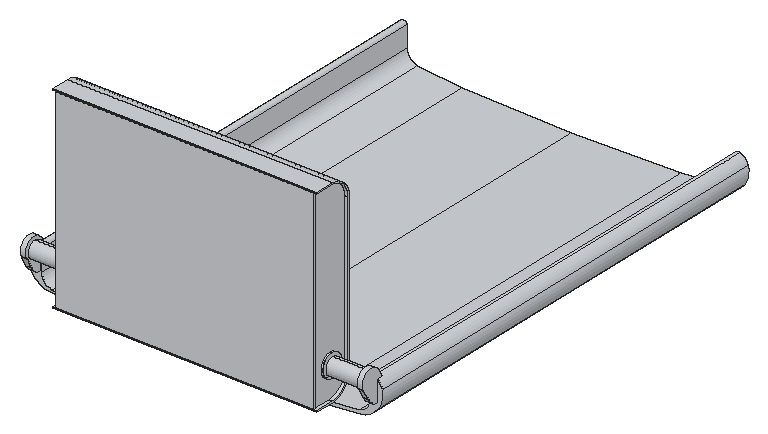
Revit family "3210 Björk Baby changing station", category Furniture Systems, host Wall, Revit 2017
Family settings
  Host = Wall
  Round Connector Dimension = Use Diameter
  Part Type = Normal
  Always vertical = Yes
  Cut with Voids When Loaded = No
  Shared = No
  Room Calculation Point = No
Parameters (values of type "Optional Ral color")
  URL = "http://www.dandryer.com/en-gb/products/baby-changing-stations/3210-bjork-baby-changing-station--optional-ral-colour"
  UP = not(Down)  # no
  Type Image = <None>
  Surface = none
  Model = "Björk-3210"
  Manufacturer = "Dan Dryer A/S"
  Down = yes
  Description = "Baby changing table"
  Cost = 0
Reference planes
  plane 1 "Wall": y = 0
  plane 2 "Center (Left/Right)": x = 125
  plane 3 "Back": y = 75
Forms (mm)
  Extrusion 1, solid, not visible
    sketch origin (0, 0, 0) x (1, 0, 0) y (0, 1, 0)
      loop
        arc (42.212, 95.366) -> (42.426, 94.946) -> (42.5, 94.481) r 1.5
        line (42.5, 94.481) -> (42.5, 75.3) -> (43.7, 75.3) -> (43.7, 94.481)
        arc (43.7, 94.481) -> (43.567, 95.318) -> (43.181, 96.073) r 2.7
        arc (43.181, 96.073) -> (125, 257.1) -> (206.819, 96.073) r 101.3
        arc (206.819, 96.073) -> (206.433, 95.318) -> (206.3, 94.481) r 2.7
        line (206.3, 94.481) -> (206.3, 75.3) -> (207.5, 75.3) -> (207.5, 94.481)
        arc (207.5, 94.481) -> (207.574, 94.946) -> (207.788, 95.366) r 1.5
        arc (207.788, 95.366) -> (125, 258.3) -> (42.212, 95.366) r 102.5
    from 900 to 1230
  Extrusion 2, void, not visible
    sketch origin (207.5, 94.481, 0) x (0, 1, 0) y (0, 0, -1)
      loop
        line (-19.181, -1225) -> (-19.181, -1230) -> (6.154, -1230)
        arc (6.154, -1230) -> (3.068, -1228.36) -> (2.105, -1225) r 4.47
        line (2.105, -1225) -> (-19.181, -1225)
    from -10.952 to 170.161
  Extrusion 3, void, not visible
    sketch origin (207.5, 94.481, 2130) x (0, 1, 0) y (0, 0, -1)
      loop
        line (-19.181, 1225) -> (2.105, 1225)
        arc (2.105, 1225) -> (3.068, 1228.36) -> (6.154, 1230) r 4.47
        line (6.154, 1230) -> (-19.181, 1230) -> (-19.181, 1225)
    from -6 to 179.451
  Extrusion 4, solid, not visible
    sketch origin (207.5, 75.3, 907) x (0, 1, 0) y (-1, 0, 0)
      loop
        line (0, 163.8) -> (0, 1.2) -> (19.181, 1.2)
        arc (19.181, 1.2) -> (20.018, 1.067) -> (20.773, 0.681) r 2.7
        arc (20.773, 0.681) -> (181.8, 82.5) -> (20.773, 164.319) r 101.3
        arc (20.773, 164.319) -> (20.018, 163.933) -> (19.181, 163.8) r 2.7
        line (19.181, 163.8) -> (0, 163.8)
    from 0 to -2
  Extrusion 5, void, not visible
    sketch origin (206.3, 75.3, 0) x (-1, 0, 0) y (0, 0, 1)
      loop
        arc (83.312, 976) -> (81.303, 978.014) -> (79.288, 976) r 2.012
        line (79.288, 976) -> (79.285, 930)
        arc (79.285, 930) -> (81.297, 927.986) -> (83.312, 930) r 2.012
        line (83.312, 930) -> (83.312, 976)
    from 174.915 to 189.234
  Extrusion 6, solid, not visible
    sketch origin (206.3, 75.3, 0) x (1, 0, 0) y (0, 0, 1)
      loop
        line (-83.312, 975.984) -> (-83.312, 930)
        arc (-83.312, 930) -> (-81.291, 928.118) -> (-79.287, 930.016) r 2.015
        line (-79.287, 930.016) -> (-79.288, 976)
        arc (-79.288, 976) -> (-81.309, 977.882) -> (-83.312, 975.984) r 2.015
    from -182.98 to -174.915
  Extrusion 7, solid, material "RAL FARVE", not visible
    sketch origin (0, 0, 0) x (1, 0, 0) y (0, 1, 0)
      loop
        arc (42.212, 95.366) -> (42.426, 94.946) -> (42.5, 94.481) r 1.5
        line (42.5, 94.481) -> (42.5, 75.3) -> (43.7, 75.3) -> (43.7, 94.481)
        arc (43.7, 94.481) -> (43.567, 95.318) -> (43.181, 96.073) r 2.7
        arc (43.181, 96.073) -> (125, 257.1) -> (206.819, 96.073) r 101.3
        arc (206.819, 96.073) -> (206.433, 95.318) -> (206.3, 94.481) r 2.7
        line (206.3, 94.481) -> (206.3, 75.3) -> (207.5, 75.3) -> (207.5, 94.481)
        arc (207.5, 94.481) -> (207.574, 94.946) -> (207.788, 95.366) r 1.5
        arc (207.788, 95.366) -> (125, 258.3) -> (42.212, 95.366) r 102.5
    from 900 to 1230
Text (mm)
  text "Placement Side" at (-1848.837, 1116.779, 0), in view "Ref. Level"
  text "Placement side" at (0, 1409.804, 2854.306), in view "Left"
  text "Placement side" at (0, 499.811, 2980.732), in view "Right"
Dimensions and locks
  locked: plane 3 "Back" to host wall
  aligned and locked: plane 1 "Wall" to host wall
  aligned and locked: plane 3 "Back" to nested 1  (x2)
Nested families
  nested 1: "Master changing table" at (125, 75, 1050), type "Master changing table"
    with Table up no
Definition of nested family "Master changing table"
  Parameters (values of type "Master changing table")
    Table up = yes
    Table down = yes
    Surface = none
  Reference planes
    plane 1 "Center (Front/Back)": y = 0
    plane 2: z = 0
    plane 3 "Center (Left/Right)": x = 0
  Forms (mm)
    Extrusion 1, solid, material <- "Surface"
      sketch origin (205, 367.912, 256.022) x (0, 1, 0) y (0, 0, 1)
        loop
          line (-368.006, 0) -> (-368.006, -1.5) -> (-337.756, -1.5)
          arc (-337.756, -1.5) -> (-316.543, -10.287) -> (-307.756, -31.5) r 30
          line (-307.756, -31.5) -> (-307.756, -273.5)
          arc (-307.756, -273.5) -> (-316.543, -294.713) -> (-337.756, -303.5) r 30
          line (-337.756, -303.5) -> (-368.006, -303.5) -> (-368.006, -305) -> (-337.756, -305)
          arc (-337.756, -305) -> (-315.482, -295.774) -> (-306.256, -273.5) r 31.5
          line (-306.256, -273.5) -> (-306.256, -31.5)
          arc (-306.256, -31.5) -> (-315.482, -9.226) -> (-337.756, 0) r 31.5
          line (-337.756, 0) -> (-368.006, 0)
      from -410.457 to 0.457
    Extrusion 2, solid, material <- "Surface"
      sketch origin (-200, 30.056, 103.522) x (0, -1, 0) y (0, 0, 1)
        loop
          line (28.149, 150) -> (0.649, 150)
          arc (0.649, 150) -> (-20.564, 141.213) -> (-29.351, 120) r 30
          line (-29.351, 120) -> (-29.351, -120)
          arc (-29.351, -120) -> (-20.564, -141.213) -> (0.649, -150) r 30
          line (0.649, -150) -> (28.149, -150) -> (28.149, 150)
      from 0 to -1.5
    Extrusion 3, solid, material <- "Surface"
      sketch origin (200, 30.056, 103.522) x (0, -1, 0) y (0, 0, -1)
        loop
          line (28.149, -150) -> (28.149, 150) -> (0.649, 150)
          arc (0.649, 150) -> (-20.564, 141.213) -> (-29.351, 120) r 30
          line (-29.351, 120) -> (-29.351, -120)
          arc (-29.351, -120) -> (-20.564, -141.213) -> (0.649, -150) r 30
          line (0.649, -150) -> (28.149, -150)
      from 0 to -1.5
    Extrusion 4, solid, material <- "Surface", visible <- "Table down"
      sketch origin (0, 750.106, -53.254) x (-1, 0, 0) y (0, 0, 1)
        loop
          line (-255, 19.726) -> (-255, 51.373)
          arc (-255, 51.373) -> (-257.243, 55.544) -> (-261.96, 55.973) r 5
          arc (-261.96, 55.973) -> (-270.039, 50.067) -> (-274.685, 41.203) r 22.097
          arc (-274.685, 41.203) -> (-275.07, 26.076) -> (-268.731, 12.336) r 33.351
          arc (-268.731, 12.336) -> (-256.485, 1.616) -> (-241.13, -3.778) r 42.947
          arc (-241.13, -3.778) -> (-205.836, -8.031) -> (-170.362, -10.357) r 652.663
          arc (-170.362, -10.357) -> (-85.196, -12.728) -> (0, -13.33) r 4102.572
          arc (0, -13.33) -> (85.196, -12.728) -> (170.362, -10.357) r 4102.572
          arc (170.362, -10.357) -> (205.836, -8.031) -> (241.13, -3.778) r 652.663
          arc (241.13, -3.778) -> (256.485, 1.616) -> (268.731, 12.336) r 42.947
          arc (268.731, 12.336) -> (275.07, 26.076) -> (274.685, 41.203) r 33.351
          arc (274.685, 41.203) -> (270.039, 50.067) -> (261.96, 55.973) r 22.097
          arc (261.96, 55.973) -> (257.243, 55.544) -> (255, 51.373) r 5
          line (255, 51.373) -> (255, 19.726)
          arc (255, 19.726) -> (250.375, 7.3) -> (238.751, 0.923) r 19.004
          arc (238.751, 0.923) -> (204.558, -3.146) -> (170.196, -5.363) r 637.149
          arc (170.196, -5.363) -> (85.113, -7.758) -> (0, -8.582) r 4609.967
          arc (0, -8.582) -> (-85.113, -7.758) -> (-170.196, -5.363) r 4609.967
          arc (-170.196, -5.363) -> (-204.558, -3.146) -> (-238.751, 0.923) r 637.149
          arc (-238.751, 0.923) -> (-250.375, 7.3) -> (-255, 19.726) r 19.004
      from -709.566 to 0
    Extrusion 5, solid, material <- "Surface", visible <- "Table down"
      sketch origin (258, 29.906, 2.522) x (0, 0, 1) y (0, 1, 0)
        loop
          line (8.4, 14.549) -> (-2.6, 20.9)
          arc (-2.6, 20.9) -> (-4.503, 22.803) -> (-5.2, 25.403) r 5.2
          line (-5.2, 25.403) -> (-5.2, 41.674) -> (-6, 41.383) -> (-6, 177.6)
          arc (-6, 177.6) -> (-6.879, 179.721) -> (-9, 180.6) r 3
          line (-9, 180.6) -> (-33, 180.6)
          arc (-33, 180.6) -> (-35.121, 179.721) -> (-36, 177.6) r 3
          line (-36, 177.6) -> (-36, 30.464) -> (-36.8, 30.172) -> (-36.8, 16.166)
          arc (-36.8, 16.166) -> (-33.477, 3.766) -> (-24.4, -5.312) r 24.8
          line (-24.4, -5.312) -> (-8.4, -14.549)
          arc (-8.4, -14.549) -> (14.549, -8.4) -> (8.4, 14.549) r 16.8
      from -8 to 0
    Extrusion 6, solid, material <- "Surface", visible <- "Table down"
      sketch origin (-266, 29.906, 2.522) x (0, 0, 1) y (0, 1, 0)
        loop
          line (8.4, 14.549) -> (-2.6, 20.9)
          arc (-2.6, 20.9) -> (-4.503, 22.803) -> (-5.2, 25.403) r 5.2
          line (-5.2, 25.403) -> (-5.2, 41.674) -> (-6, 41.383) -> (-6, 177.6)
          arc (-6, 177.6) -> (-6.879, 179.721) -> (-9, 180.6) r 3
          line (-9, 180.6) -> (-33, 180.6)
          arc (-33, 180.6) -> (-35.121, 179.721) -> (-36, 177.6) r 3
          line (-36, 177.6) -> (-36, 30.464) -> (-36.8, 30.172) -> (-36.8, 16.166)
          arc (-36.8, 16.166) -> (-33.477, 3.766) -> (-24.4, -5.312) r 24.8
          line (-24.4, -5.312) -> (-8.4, -14.549)
          arc (-8.4, -14.549) -> (14.549, -8.4) -> (8.4, 14.549) r 16.8
      from -8 to 0
    Extrusion 7, solid, material <- "Surface"
      sketch origin (-258, 31.072, 1.856) x (0, 0, -1) y (0, 1, 0)
        loop
          circle (-0.065, 0.035) r 17.549
      from 53 to 462.5
    Extrusion 8, solid, material <- "Surface", visible <- "Table up"
      sketch origin (0, 85.702, 722.747) x (-1, 0, 0) y (0, -1, 0)
        loop
          line (-255, 19.726) -> (-255, 51.373)
          arc (-255, 51.373) -> (-257.243, 55.544) -> (-261.96, 55.973) r 5
          arc (-261.96, 55.973) -> (-270.039, 50.067) -> (-274.685, 41.203) r 22.097
          arc (-274.685, 41.203) -> (-275.07, 26.076) -> (-268.731, 12.336) r 33.351
          arc (-268.731, 12.336) -> (-256.485, 1.616) -> (-241.13, -3.778) r 42.947
          arc (-241.13, -3.778) -> (-205.836, -8.031) -> (-170.362, -10.357) r 652.663
          arc (-170.362, -10.357) -> (-85.196, -12.728) -> (0, -13.33) r 4102.572
          arc (0, -13.33) -> (85.196, -12.728) -> (170.362, -10.357) r 4102.572
          arc (170.362, -10.357) -> (205.836, -8.031) -> (241.13, -3.778) r 652.663
          arc (241.13, -3.778) -> (256.485, 1.616) -> (268.731, 12.336) r 42.947
          arc (268.731, 12.336) -> (275.07, 26.076) -> (274.685, 41.203) r 33.351
          arc (274.685, 41.203) -> (270.039, 50.067) -> (261.96, 55.973) r 22.097
          arc (261.96, 55.973) -> (257.243, 55.544) -> (255, 51.373) r 5
          line (255, 51.373) -> (255, 19.726)
          arc (255, 19.726) -> (250.375, 7.3) -> (238.751, 0.923) r 19.004
          arc (238.751, 0.923) -> (204.558, -3.146) -> (170.196, -5.363) r 637.149
          arc (170.196, -5.363) -> (85.113, -7.758) -> (0, -8.582) r 4609.967
          arc (0, -8.582) -> (-85.113, -7.758) -> (-170.196, -5.363) r 4609.967
          arc (-170.196, -5.363) -> (-204.558, -3.146) -> (-238.751, 0.923) r 637.149
          arc (-238.751, 0.923) -> (-250.375, 7.3) -> (-255, 19.726) r 19.004
      from -709.566 to 0
    Extrusion 9, solid, material <- "Surface", visible <- "Table up"
      sketch origin (258, 29.925, 2.547) x (0, -1, 0) y (0, 0, 1)
        loop
          line (8.4, 14.549) -> (-2.6, 20.9)
          arc (-2.6, 20.9) -> (-4.503, 22.803) -> (-5.2, 25.403) r 5.2
          line (-5.2, 25.403) -> (-5.2, 41.674) -> (-6, 41.383) -> (-6, 177.6)
          arc (-6, 177.6) -> (-6.879, 179.721) -> (-9, 180.6) r 3
          line (-9, 180.6) -> (-33, 180.6)
          arc (-33, 180.6) -> (-35.121, 179.721) -> (-36, 177.6) r 3
          line (-36, 177.6) -> (-36, 30.464) -> (-36.8, 30.172) -> (-36.8, 16.166)
          arc (-36.8, 16.166) -> (-33.477, 3.766) -> (-24.4, -5.312) r 24.8
          line (-24.4, -5.312) -> (-8.4, -14.549)
          arc (-8.4, -14.549) -> (14.549, -8.4) -> (8.4, 14.549) r 16.8
      from -8 to 0
    Extrusion 10, solid, material <- "Surface", visible <- "Table up"
      sketch origin (-266, 29.925, 2.547) x (0, -1, 0) y (0, 0, 1)
        loop
          line (8.4, 14.549) -> (-2.6, 20.9)
          arc (-2.6, 20.9) -> (-4.503, 22.803) -> (-5.2, 25.403) r 5.2
          line (-5.2, 25.403) -> (-5.2, 41.674) -> (-6, 41.383) -> (-6, 177.6)
          arc (-6, 177.6) -> (-6.879, 179.721) -> (-9, 180.6) r 3
          line (-9, 180.6) -> (-33, 180.6)
          arc (-33, 180.6) -> (-35.121, 179.721) -> (-36, 177.6) r 3
          line (-36, 177.6) -> (-36, 30.464) -> (-36.8, 30.172) -> (-36.8, 16.166)
          arc (-36.8, 16.166) -> (-33.477, 3.766) -> (-24.4, -5.312) r 24.8
          line (-24.4, -5.312) -> (-8.4, -14.549)
          arc (-8.4, -14.549) -> (14.549, -8.4) -> (8.4, 14.549) r 16.8
      from -8 to 0
    Extrusion 11, solid, material <- "Surface"
      sketch origin (-258, 30.572, 1.856) x (0, 0, -1) y (0, 1, 0)
        loop
          circle (-0.065, 0.035) r 13.035
      from 0 to 516
    Extrusion 12, solid, material <- "Surface"
      sketch origin (-258, 30.572, 1.856) x (0, 0, -1) y (0, 1, 0)
        loop
          circle (-0.065, 0.035) r 16.835
      from 54.88 to 461.953
    Extrusion 13, solid, material <- "Surface"
      sketch origin (-5125, -0.094, -947.478) x (-1, 0, 0) y (0, 0, 1)
        loop
          line (-5325, 1202) -> (-5325, 900) -> (-4925, 900) -> (-4925, 1202) -> (-5325, 1202)
      from 0 to 2
    Extrusion 14, solid, not visible
      sketch origin (-5000, 75, 0) x (-1, 0, 0) y (0, 0, 1)
        loop
          line (-5325, 1202) -> (-5325, 900) -> (-4925, 900) -> (-4925, 1202) -> (-5325, 1202)
      from 0 to 2
    Extrusion 15, solid, not visible
      sketch origin (330, 443.006, 1203.5) x (0, 1, 0) y (0, 0, 1)
        loop
          line (-368.006, 0) -> (-368.006, -1.5) -> (-337.756, -1.5)
          arc (-337.756, -1.5) -> (-316.543, -10.287) -> (-307.756, -31.5) r 30
          line (-307.756, -31.5) -> (-307.756, -273.5)
          arc (-307.756, -273.5) -> (-316.543, -294.713) -> (-337.756, -303.5) r 30
          line (-337.756, -303.5) -> (-368.006, -303.5) -> (-368.006, -305) -> (-337.756, -305)
          arc (-337.756, -305) -> (-315.482, -295.774) -> (-306.256, -273.5) r 31.5
          line (-306.256, -273.5) -> (-306.256, -31.5)
          arc (-306.256, -31.5) -> (-315.482, -9.226) -> (-337.756, 0) r 31.5
          line (-337.756, 0) -> (-368.006, 0)
      from -410.457 to 0.457
    Sweep 16, void, not visible
      path origin (330, 443.006, 1203.5) x (0, 1, 0) y (0, 0, 1)
        loop
          line (-368.006, -305) -> (-337.756, -305)
          arc (-337.756, -305) -> (-315.482, -295.774) -> (-306.256, -273.5) r 31.5
          line (-306.256, -273.5) -> (-306.256, -31.5)
          arc (-306.256, -31.5) -> (-315.482, -9.226) -> (-337.756, 0) r 31.5
          line (-337.756, 0) -> (-368.006, 0)
      profile origin (330, 90.125, 1203.5) x (0, 0, -1) y (1, 0, 0)
        loop
          line (0, 0.457) -> (0, -0.75)
          arc (0, -0.75) -> (0.75, 0) -> (1.5, -0.75) r 0.75
          line (1.5, -0.75) -> (1.5, 0.457) -> (0, 0.457)
    Sweep 17, void, not visible
      path origin (-80, 443.006, 1203.5) x (0, 1, 0) y (0, 0, -1)
        loop
          line (-368.006, 305) -> (-337.756, 305)
          arc (-337.756, 305) -> (-315.482, 295.774) -> (-306.256, 273.5) r 31.5
          line (-306.256, 273.5) -> (-306.256, 31.5)
          arc (-306.256, 31.5) -> (-315.482, 9.226) -> (-337.756, 0) r 31.5
          line (-337.756, 0) -> (-368.006, 0)
      profile origin (-80, 90.125, 1203.5) x (0, 0, 1) y (-1, 0, 0)
        loop
          line (0, 0.457) -> (-1.5, 0.457) -> (-1.5, -0.75)
          arc (-1.5, -0.75) -> (-0.75, 0) -> (0, -0.75) r 0.75
          line (0, -0.75) -> (0, 0.457)
    Extrusion 18, solid, not visible
      sketch origin (-75, 105.149, 1051) x (0, -1, 0) y (0, 0, 1)
        loop
          line (28.149, 150) -> (0.649, 150)
          arc (0.649, 150) -> (-20.564, 141.213) -> (-29.351, 120) r 30
          line (-29.351, 120) -> (-29.351, -120)
          arc (-29.351, -120) -> (-20.564, -141.213) -> (0.649, -150) r 30
          line (0.649, -150) -> (28.149, -150) -> (28.149, 150)
      from 0 to -1.5
    Extrusion 19, solid, not visible
      sketch origin (325, 105.149, 1051) x (0, -1, 0) y (0, 0, -1)
        loop
          line (28.149, -150) -> (28.149, 150) -> (0.649, 150)
          arc (0.649, 150) -> (-20.564, 141.213) -> (-29.351, 120) r 30
          line (-29.351, 120) -> (-29.351, -120)
          arc (-29.351, -120) -> (-20.564, -141.213) -> (0.649, -150) r 30
          line (0.649, -150) -> (28.149, -150)
      from 0 to -1.5
    Extrusion 20, void, not visible
      sketch origin (-75, 105.149, 1051) x (0, 1, 0) y (0, 0, 1)
        loop
          circle (-0.114, -100.935) r 17.549
      from 404.5 to -5
    Extrusion 21, solid, visible <- "Table down", not visible
      sketch origin (125, 825.199, 894.224) x (-1, 0, 0) y (0, 0, 1)
        loop
          line (-255, 19.726) -> (-255, 51.373)
          arc (-255, 51.373) -> (-257.243, 55.544) -> (-261.96, 55.973) r 5
          arc (-261.96, 55.973) -> (-270.039, 50.067) -> (-274.685, 41.203) r 22.097
          arc (-274.685, 41.203) -> (-275.07, 26.076) -> (-268.731, 12.336) r 33.351
          arc (-268.731, 12.336) -> (-256.485, 1.616) -> (-241.13, -3.778) r 42.947
          arc (-241.13, -3.778) -> (-205.836, -8.031) -> (-170.362, -10.357) r 652.663
          arc (-170.362, -10.357) -> (-85.196, -12.728) -> (0, -13.33) r 4102.572
          arc (0, -13.33) -> (85.196, -12.728) -> (170.362, -10.357) r 4102.572
          arc (170.362, -10.357) -> (205.836, -8.031) -> (241.13, -3.778) r 652.663
          arc (241.13, -3.778) -> (256.485, 1.616) -> (268.731, 12.336) r 42.947
          arc (268.731, 12.336) -> (275.07, 26.076) -> (274.685, 41.203) r 33.351
          arc (274.685, 41.203) -> (270.039, 50.067) -> (261.96, 55.973) r 22.097
          arc (261.96, 55.973) -> (257.243, 55.544) -> (255, 51.373) r 5
          line (255, 51.373) -> (255, 19.726)
          arc (255, 19.726) -> (250.375, 7.3) -> (238.751, 0.923) r 19.004
          arc (238.751, 0.923) -> (204.558, -3.146) -> (170.196, -5.363) r 637.149
          arc (170.196, -5.363) -> (85.113, -7.758) -> (0, -8.582) r 4609.967
          arc (0, -8.582) -> (-85.113, -7.758) -> (-170.196, -5.363) r 4609.967
          arc (-170.196, -5.363) -> (-204.558, -3.146) -> (-238.751, 0.923) r 637.149
          arc (-238.751, 0.923) -> (-250.375, 7.3) -> (-255, 19.726) r 19.004
      from -709.566 to 0
    Sweep 22, void, not visible
      path origin (125, 825.199, 894.224) x (-1, 0, 0) y (0, 0, 1)
        loop
          arc (-261.96, 55.973) -> (-270.039, 50.067) -> (-274.685, 41.203) r 22.097
          arc (-274.685, 41.203) -> (-275.07, 26.076) -> (-268.731, 12.336) r 33.351
          arc (-268.731, 12.336) -> (-256.485, 1.616) -> (-241.13, -3.778) r 42.947
          arc (-241.13, -3.778) -> (-205.836, -8.031) -> (-170.362, -10.357) r 652.663
          arc (-170.362, -10.357) -> (-85.196, -12.728) -> (0, -13.33) r 4102.572
          arc (0, -13.33) -> (85.196, -12.728) -> (170.362, -10.357) r 4102.572
          arc (170.362, -10.357) -> (205.836, -8.031) -> (241.13, -3.778) r 652.663
          arc (241.13, -3.778) -> (256.485, 1.616) -> (268.731, 12.336) r 42.947
          arc (268.731, 12.336) -> (275.07, 26.076) -> (274.685, 41.203) r 33.351
          arc (274.685, 41.203) -> (270.039, 50.067) -> (261.96, 55.973) r 22.097
          arc (261.96, 55.973) -> (257.243, 55.544) -> (255, 51.373) r 5
          line (255, 51.373) -> (255, 19.726)
          arc (255, 19.726) -> (250.375, 7.3) -> (238.751, 0.923) r 19.004
          arc (238.751, 0.923) -> (204.558, -3.146) -> (170.196, -5.363) r 637.149
          arc (170.196, -5.363) -> (85.113, -7.758) -> (0, -8.582) r 4609.967
          arc (0, -8.582) -> (-85.113, -7.758) -> (-170.196, -5.363) r 4609.967
          arc (-170.196, -5.363) -> (-204.558, -3.146) -> (-238.751, 0.923) r 637.149
          arc (-238.751, 0.923) -> (-250.375, 7.3) -> (-255, 19.726) r 19.004
          line (-255, 19.726) -> (-255, 51.373)
          arc (-255, 51.373) -> (-257.243, 55.544) -> (-261.96, 55.973) r 5
      profile origin (395.039, 825.199, 944.291) x (-0.757606, 0, -0.652712) y (0, 1, 0)
        loop
          arc (0, -1.006) -> (0.295, -0.295) -> (1.006, 0) r 1.006
          line (1.006, 0) -> (0, 0) -> (0, -1.006)
    Extrusion 23, void, not visible
      sketch origin (-141, 105, 950) x (0, 0, 1) y (0, 1, 0)
        loop
          line (-93.281, 10.633) -> (14.517, 10.633) -> (14.517, 49.868) -> (-93.281, 10.633)
      from -603.294 to 94
    Extrusion 24, solid, visible <- "Table down", not visible
      sketch origin (383, 105, 950) x (0, 0, 1) y (0, 1, 0)
        loop
          line (8.4, 14.549) -> (-2.6, 20.9)
          arc (-2.6, 20.9) -> (-4.503, 22.803) -> (-5.2, 25.403) r 5.2
          line (-5.2, 25.403) -> (-5.2, 41.674) -> (-6, 41.383) -> (-6, 177.6)
          arc (-6, 177.6) -> (-6.879, 179.721) -> (-9, 180.6) r 3
          line (-9, 180.6) -> (-33, 180.6)
          arc (-33, 180.6) -> (-35.121, 179.721) -> (-36, 177.6) r 3
          line (-36, 177.6) -> (-36, 30.464) -> (-36.8, 30.172) -> (-36.8, 16.166)
          arc (-36.8, 16.166) -> (-33.477, 3.766) -> (-24.4, -5.312) r 24.8
          line (-24.4, -5.312) -> (-8.4, -14.549)
          arc (-8.4, -14.549) -> (14.549, -8.4) -> (8.4, 14.549) r 16.8
      from -8 to 0
    Extrusion 25, solid, visible <- "Table down", not visible
      sketch origin (-141, 105, 950) x (0, 0, 1) y (0, 1, 0)
        loop
          line (8.4, 14.549) -> (-2.6, 20.9)
          arc (-2.6, 20.9) -> (-4.503, 22.803) -> (-5.2, 25.403) r 5.2
          line (-5.2, 25.403) -> (-5.2, 41.674) -> (-6, 41.383) -> (-6, 177.6)
          arc (-6, 177.6) -> (-6.879, 179.721) -> (-9, 180.6) r 3
          line (-9, 180.6) -> (-33, 180.6)
          arc (-33, 180.6) -> (-35.121, 179.721) -> (-36, 177.6) r 3
          line (-36, 177.6) -> (-36, 30.464) -> (-36.8, 30.172) -> (-36.8, 16.166)
          arc (-36.8, 16.166) -> (-33.477, 3.766) -> (-24.4, -5.312) r 24.8
          line (-24.4, -5.312) -> (-8.4, -14.549)
          arc (-8.4, -14.549) -> (14.549, -8.4) -> (8.4, 14.549) r 16.8
      from -8 to 0
    Extrusion 26, solid, not visible
      sketch origin (-133, 106.166, 949.334) x (0, 0, -1) y (0, 1, 0)
        loop
          circle (-0.065, 0.035) r 17.549
      from 53 to 462.5
    Extrusion 27, solid, visible <- "Table up", not visible
      sketch origin (125, 160.795, 1670.224) x (-1, 0, 0) y (0, -1, 0)
        loop
          line (-255, 19.726) -> (-255, 51.373)
          arc (-255, 51.373) -> (-257.243, 55.544) -> (-261.96, 55.973) r 5
          arc (-261.96, 55.973) -> (-270.039, 50.067) -> (-274.685, 41.203) r 22.097
          arc (-274.685, 41.203) -> (-275.07, 26.076) -> (-268.731, 12.336) r 33.351
          arc (-268.731, 12.336) -> (-256.485, 1.616) -> (-241.13, -3.778) r 42.947
          arc (-241.13, -3.778) -> (-205.836, -8.031) -> (-170.362, -10.357) r 652.663
          arc (-170.362, -10.357) -> (-85.196, -12.728) -> (0, -13.33) r 4102.572
          arc (0, -13.33) -> (85.196, -12.728) -> (170.362, -10.357) r 4102.572
          arc (170.362, -10.357) -> (205.836, -8.031) -> (241.13, -3.778) r 652.663
          arc (241.13, -3.778) -> (256.485, 1.616) -> (268.731, 12.336) r 42.947
          arc (268.731, 12.336) -> (275.07, 26.076) -> (274.685, 41.203) r 33.351
          arc (274.685, 41.203) -> (270.039, 50.067) -> (261.96, 55.973) r 22.097
          arc (261.96, 55.973) -> (257.243, 55.544) -> (255, 51.373) r 5
          line (255, 51.373) -> (255, 19.726)
          arc (255, 19.726) -> (250.375, 7.3) -> (238.751, 0.923) r 19.004
          arc (238.751, 0.923) -> (204.558, -3.146) -> (170.196, -5.363) r 637.149
          arc (170.196, -5.363) -> (85.113, -7.758) -> (0, -8.582) r 4609.967
          arc (0, -8.582) -> (-85.113, -7.758) -> (-170.196, -5.363) r 4609.967
          arc (-170.196, -5.363) -> (-204.558, -3.146) -> (-238.751, 0.923) r 637.149
          arc (-238.751, 0.923) -> (-250.375, 7.3) -> (-255, 19.726) r 19.004
      from -709.566 to 0
    Sweep 28, void, not visible
      path origin (125, 160.795, 1670.224) x (-1, 0, 0) y (0, -1, 0)
        loop
          arc (-261.96, 55.973) -> (-270.039, 50.067) -> (-274.685, 41.203) r 22.097
          arc (-274.685, 41.203) -> (-275.07, 26.076) -> (-268.731, 12.336) r 33.351
          arc (-268.731, 12.336) -> (-256.485, 1.616) -> (-241.13, -3.778) r 42.947
          arc (-241.13, -3.778) -> (-205.836, -8.031) -> (-170.362, -10.357) r 652.663
          arc (-170.362, -10.357) -> (-85.196, -12.728) -> (0, -13.33) r 4102.572
          arc (0, -13.33) -> (85.196, -12.728) -> (170.362, -10.357) r 4102.572
          arc (170.362, -10.357) -> (205.836, -8.031) -> (241.13, -3.778) r 652.663
          arc (241.13, -3.778) -> (256.485, 1.616) -> (268.731, 12.336) r 42.947
          arc (268.731, 12.336) -> (275.07, 26.076) -> (274.685, 41.203) r 33.351
          arc (274.685, 41.203) -> (270.039, 50.067) -> (261.96, 55.973) r 22.097
          arc (261.96, 55.973) -> (257.243, 55.544) -> (255, 51.373) r 5
          line (255, 51.373) -> (255, 19.726)
          arc (255, 19.726) -> (250.375, 7.3) -> (238.751, 0.923) r 19.004
          arc (238.751, 0.923) -> (204.558, -3.146) -> (170.196, -5.363) r 637.149
          arc (170.196, -5.363) -> (85.113, -7.758) -> (0, -8.582) r 4609.967
          arc (0, -8.582) -> (-85.113, -7.758) -> (-170.196, -5.363) r 4609.967
          arc (-170.196, -5.363) -> (-204.558, -3.146) -> (-238.751, 0.923) r 637.149
          arc (-238.751, 0.923) -> (-250.375, 7.3) -> (-255, 19.726) r 19.004
          line (-255, 19.726) -> (-255, 51.373)
          arc (-255, 51.373) -> (-257.243, 55.544) -> (-261.96, 55.973) r 5
      profile origin (395.039, 110.728, 1670.224) x (-0.757606, 0.652712, 0) y (0, 0, 1)
        loop
          arc (0, -1.006) -> (0.295, -0.295) -> (1.006, 0) r 1.006
          line (1.006, 0) -> (0, 0) -> (0, -1.006)
    Extrusion 29, void, not visible
      sketch origin (-141, 105.019, 950.025) x (0, -1, 0) y (0, 0, 1)
        loop
          line (-93.281, 10.633) -> (14.517, 10.633) -> (14.517, 49.868) -> (-93.281, 10.633)
      from -603.294 to 94
    Extrusion 30, solid, visible <- "Table up", not visible
      sketch origin (383, 105.019, 950.025) x (0, -1, 0) y (0, 0, 1)
        loop
          line (8.4, 14.549) -> (-2.6, 20.9)
          arc (-2.6, 20.9) -> (-4.503, 22.803) -> (-5.2, 25.403) r 5.2
          line (-5.2, 25.403) -> (-5.2, 41.674) -> (-6, 41.383) -> (-6, 177.6)
          arc (-6, 177.6) -> (-6.879, 179.721) -> (-9, 180.6) r 3
          line (-9, 180.6) -> (-33, 180.6)
          arc (-33, 180.6) -> (-35.121, 179.721) -> (-36, 177.6) r 3
          line (-36, 177.6) -> (-36, 30.464) -> (-36.8, 30.172) -> (-36.8, 16.166)
          arc (-36.8, 16.166) -> (-33.477, 3.766) -> (-24.4, -5.312) r 24.8
          line (-24.4, -5.312) -> (-8.4, -14.549)
          arc (-8.4, -14.549) -> (14.549, -8.4) -> (8.4, 14.549) r 16.8
      from -8 to 0
    Extrusion 31, solid, visible <- "Table up", not visible
      sketch origin (-141, 105.019, 950.025) x (0, -1, 0) y (0, 0, 1)
        loop
          line (8.4, 14.549) -> (-2.6, 20.9)
          arc (-2.6, 20.9) -> (-4.503, 22.803) -> (-5.2, 25.403) r 5.2
          line (-5.2, 25.403) -> (-5.2, 41.674) -> (-6, 41.383) -> (-6, 177.6)
          arc (-6, 177.6) -> (-6.879, 179.721) -> (-9, 180.6) r 3
          line (-9, 180.6) -> (-33, 180.6)
          arc (-33, 180.6) -> (-35.121, 179.721) -> (-36, 177.6) r 3
          line (-36, 177.6) -> (-36, 30.464) -> (-36.8, 30.172) -> (-36.8, 16.166)
          arc (-36.8, 16.166) -> (-33.477, 3.766) -> (-24.4, -5.312) r 24.8
          line (-24.4, -5.312) -> (-8.4, -14.549)
          arc (-8.4, -14.549) -> (14.549, -8.4) -> (8.4, 14.549) r 16.8
      from -8 to 0
    Extrusion 32, solid, not visible
      sketch origin (-133, 105.666, 949.334) x (0, 0, -1) y (0, 1, 0)
        loop
          circle (-0.065, 0.035) r 13.035
      from 0 to 516
    Extrusion 33, solid, not visible
      sketch origin (-133, 105.666, 949.334) x (0, 0, -1) y (0, 1, 0)
        loop
          circle (-0.065, 0.035) r 16.835
      from 54.88 to 461.953
  Lines and regions (mm)
    reference lines, not visible
      curve 1: line (125, 825.199, 1226.874) -> (125, 825.199, 885.642)
      curve 2: line (125, 419.974, 1670.224) -> (125, -185.026, 1670.224)
  Dimensions and locks
    locked: Extrusion 13 to Extrusion 13 at 2
    aligned and locked: level to plane 2
    aligned and locked: Extrusion 3 to Extrusion 13
